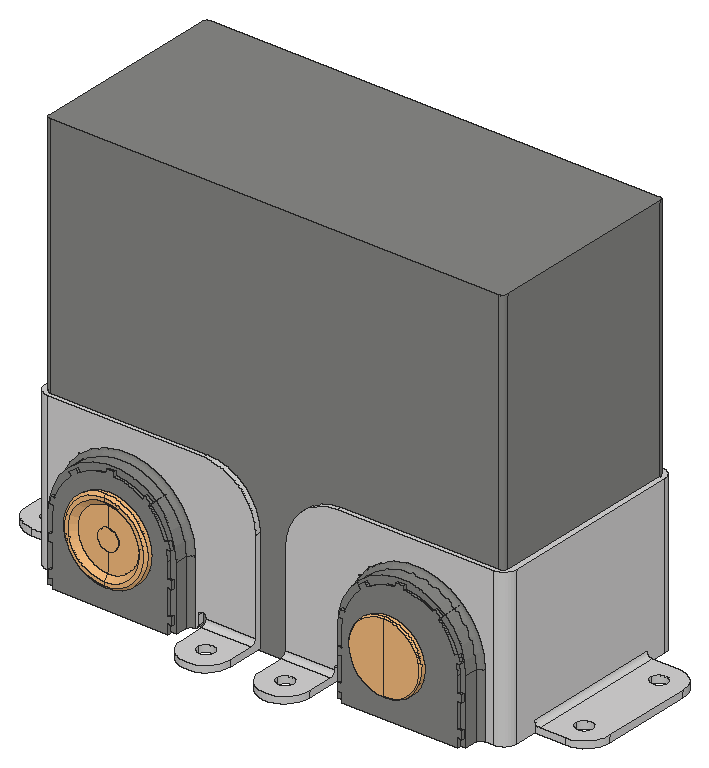
Revit family "Valve-One_Outlet_Thermostatic-KOHLER-K-26339_1", category Plumbing Fixtures, host Face, Revit 2017
Family settings
  Host = Face
  Round Connector Dimension = Use Diameter
  Part Type = Normal
  OmniClass Number = 23.27.31.00
  OmniClass Title = Valves
  Cut with Voids When Loaded = No
  Shared = No
  Room Calculation Point = No
Parameters (values of type "NA-Not Applicable")
  Width = 8 215/256"  # constant formula
  WaterSense Certified = 1 = 0  # no
  Waste Connection = 1 = 0  # no
  Vent Connection = 1 = 0  # no
  Tempered Water Outlet Down [instance] = not(Tempered Water Outlet Up)  # no
  Tempered Water Outlet = "Tempered Water Outlet"  # constant formula
  URL = "https://www.us.kohler.com/us/"
  Type = 1
  Product Page URL = "http://www.us.kohler.com/us/catalog/productDetails.jsp?productId=26339"
  Product Name = ""
  Product Documentation Link = "https://www.us.kohler.com/webassets/kpna/catalog/pdf/en/K-26339_spec.pdf"
  Pressure = 0.00 psi
  Model = "K-26339-NA"  # constant formula
  Material = "Plastic"  # constant formula
  Master Format 2014 Name = "Control Valves"  # constant formula
  Master Format 2014 = "23 09 13.33"  # constant formula
  Manufacturer Address = "444 Highland Dr, Kohler, WI 53044"  # constant formula
  Manufacturer = "KOHLER Co."  # constant formula
  Length = 6 13/128"  # constant formula
  Hot Water Inlet = "Hot Water Inlet"  # constant formula
  Height = 4 113/128"  # constant formula
  HW Connection = 1 = 1  # yes
  Tempered Water Outlet Up [instance] = yes
  Flow Rate = 1.75 GPM  # constant formula
  Finish = Kohler-Plastic-58-Thunder_Grey
  Environmental Product Declaration = ""
  Description = "Recessed thermostatic valve-1-outlet"  # constant formula
  Default Elevation = 42"
  Declare Label = ""
  Date Modified = "02/12/2021"  # constant formula
  Date Created = "02/08/2021"  # constant formula
  Copyright = "Copyright KOHLER Co."  # constant formula
  Contact Us = "https://www.us.kohler.com/us/static/contact.jsp"
  Cold Water Inlet = "Cold Water Inlet"  # constant formula
  CW Connection = 1 = 1  # yes
  Assembly Code = "D2020"
  ADA Compliant = 1 = 0  # no
Reference planes (in)
  plane 1 "Center (Front/Back)": y = 0
  plane 2: z = 0
  plane 3 "Center (Left/Right)": x = 0
  plane 4: x = -4.41929
  plane 5: x = 4.42055
  plane 6: y = 2.44094
  plane 7: y = -2.44188
  plane 8: x = -2.20961
  plane 9: x = 2.01772
  plane 10: y = 1.98819
  plane 11: y = -1.98819
  plane 12: z = -5.21654
  plane 13: z = -5.11811
  plane 14: z = -6.10156
  plane 15: y = 2.06693
  plane 16: y = -2.06693
  plane 17: y = 0.70866
  plane 18: y = -0.70866
  plane 19: x = -0.59055
  plane 20: x = 0.59055
  plane 21: x = -4.03543
  plane 22: x = 4.03543
Forms (in)
  Extrusion 1, void
    sketch origin (0, 0, 0) x (1, 0, 0) y (0, 1, 0)
      loop
        line (-3.57283, -1.59449) -> (3.57283, -1.59449) -> (3.57283, 1.59449) -> (-3.57283, 1.59449) -> (-3.57283, -1.59449)
    from -6.10236 to 0.83394
  Extrusion 2, void
    sketch origin (0, 0, 0) x (1, 0, 0) y (0, 1, 0)
      loop
        line (-4.41929, 2.44094) -> (-4.41929, -2.44094) -> (4.41929, -2.44094) -> (4.41929, 2.44094) -> (-4.41929, 2.44094)
    from -6.10236 to -3.72047
Dimensions and locks (in)
  plane 8 to plane 9 = 4.22733"
  "Length": level to plane 14
  locked: plane 13 to plane 14 at 0.98345
  locked: plane 12 to plane 14 at 0.88503
  "Width": plane 4 to plane 5
  "Height": plane 6 to plane 7
  plane 15 to plane 16 = 4.13386"
  locked: plane 17 to plane 18 at 1.41732
  locked: plane 20 to plane 19 at 1.1811
  locked: plane 22 to plane 21 at 8.07087
  aligned and locked: plane 2 to host face
  aligned and locked: level to host face
Automatic sketch dimensions
  host sketch curve to host sketch curve = 96"  (x2)
  Extrusion 1 sketch curve to plane 4 = 0.84646"
  plane 10 to Extrusion 1 sketch curve = 0.3937"
  plane 11 to Extrusion 1 sketch curve = 0.3937"
  Extrusion 1 sketch curve to plane 5 = 0.84772"
  plane 6 to Extrusion 2 sketch curve = 0"
  plane 7 to Extrusion 2 sketch curve = 0.00094"
  Extrusion 2 sketch curve to plane 4 = 0"
  Extrusion 2 sketch curve to plane 5 = 0.00126"
Nested families (in)
  nested 1: "K-26339" at (0, 0, -6.10236), type "K-26339"
Connectors (in)
  piping at (-2.20961, 1.90938, -5.11811), diameter 0.75, driven by "Flow Rate", driven by "HW Connection", driven by "Hot Water Inlet"
    settings: on nested 1, index 1, connector inside diameter 24", connector length 0", flow factor 0, pipe flow 1.75 GPM, pressure drop 0.00 psi, fitting loss kfactor 0, connector angle 0.00°, fixture units 0, engagement length 0", angle of deflection 0.00°, flow configuration 1, flow direction 1, fitting loss method 0, system type 19, joint type 0, gender type 0, connector reference index -1, connector utility 1, adjustable connector no, is connector primary yes, connector description "Hot Water Inlet"
  piping at (-2.20961, -1.90938, -5.11811), diameter 0.75, driven by "Flow Rate", driven by "CW Connection", driven by "Cold Water Inlet"
    settings: on nested 1, index 2, connector inside diameter 24", connector length 0", flow factor 0, pipe flow 1.75 GPM, pressure drop 0.00 psi, fitting loss kfactor 0, connector angle 0.00°, fixture units 0, engagement length 0", angle of deflection 0.00°, flow configuration 1, flow direction 1, fitting loss method 0, system type 20, joint type 0, gender type 0, connector reference index -1, connector utility 1, adjustable connector no, is connector primary no, connector description "Cold Water Inlet"
  piping at (2.01772, 1.9685, -5.21654), diameter 0.5, driven by "Flow Rate", driven by "HW Connection", driven by "Tempered Water Outlet"
    settings: on nested 1, index 3, connector inside diameter 24", connector length 0", flow factor 0, pipe flow 1.75 GPM, pressure drop 0.00 psi, fitting loss kfactor 0, connector angle 0.00°, fixture units 0, engagement length 0", angle of deflection 0.00°, flow configuration 1, flow direction 2, fitting loss method 0, system type 19, joint type 0, gender type 0, connector reference index -1, connector utility 1, adjustable connector no, is connector primary no, connector description "Tempered Water Outlet"
Definition of nested family "K-26339"
  Parameters (values of type "K-26339")
    Top Connector1 = yes
    Material = none
    Down Connector1 = not(Top Connector1)  # no
    Connector distance = if(Top Connector1, 0", 3.18898")  # 0"
    C1 Angel = if(Top Connector1, 180.00°, 0.00°)  # 180.00°
  Reference planes (in)
    plane 1 "Center (Front/Back)": y = 0
    plane 2: z = 0
    plane 3 "Center (Left/Right)": x = 0
    plane 4: x = -4.41929
    plane 5: x = 4.41929
    plane 6: y = 2.44094
    plane 7: y = -2.44094
    plane 8: z = 6.10236
    plane 9 "2": x = 2.01772
    plane 10 "1": x = -2.20961
    plane 11: z = 0.98425
    plane 12 "A": z = 0.88583
    plane 13: y = 1.98819
    plane 14: y = -1.98819
    plane 15: y = 0.70866
    plane 16: y = -0.70866
    plane 17: x = -0.60039
    plane 18: x = 0.60039
    plane 19: y = 1.59449
    plane 20: y = -1.59449
    plane 21 "C1": y = 1.59449
    plane 22: z = 0
  Forms (in)
    Extrusion 1, solid, material <- "Material", detail levels medium+fine
      sketch origin (0, 0, 0) x (1, 0, 0) y (0, 1, 0)
        loop
          line (3.39567, 1.51575) -> (-3.39567, 1.51575)
          arc (-3.39567, 1.51575) -> (-3.45135, 1.49269) -> (-3.47441, 1.43701) r 0.07874
          line (-3.47441, 1.43701) -> (-3.47441, -1.43701)
          arc (-3.47441, -1.43701) -> (-3.45135, -1.49269) -> (-3.39567, -1.51575) r 0.07874
          line (-3.39567, -1.51575) -> (3.39567, -1.51575)
          arc (3.39567, -1.51575) -> (3.45135, -1.49269) -> (3.47441, -1.43701) r 0.07874
          line (3.47441, -1.43701) -> (3.47441, 1.43701)
          arc (3.47441, 1.43701) -> (3.45135, 1.49269) -> (3.39567, 1.51575) r 0.07874
      from 0 to 6.10236
    Extrusion 2, solid, detail levels medium+fine
      sketch origin (0, 0, 0) x (1, 0, 0) y (0, 0, 1)
        loop
          line (-1.01378, 2.38189) -> (-3.57283, 2.38189) -> (-3.57283, 0.01969) -> (-1.1437, 0.01969)
          arc (-1.1437, 0.01969) -> (-1.10751, 0.03468) -> (-1.09252, 0.07087) r 0.05118
          line (-1.09252, 0.07087) -> (-1.09252, 0.2165)
          arc (-1.09252, 0.2165) -> (-1.03346, 0.27556) -> (-0.97441, 0.2165) r 0.05906
          line (-0.97441, 0.2165) -> (-0.97441, 0.01969) -> (-0.22638, 0.01969) -> (-0.22638, 1.59449)
          arc (-0.22638, 1.59449) -> (-0.457, 2.15127) -> (-1.01378, 2.38189) r 0.7874
        loop
          arc (1.01378, 2.38189) -> (0.457, 2.15127) -> (0.22638, 1.59449) r 0.7874
          line (0.22638, 1.59449) -> (0.22638, 0.01969) -> (0.97441, 0.01969) -> (0.97441, 0.2165)
          arc (0.97441, 0.2165) -> (1.03346, 0.27556) -> (1.09252, 0.2165) r 0.05906
          line (1.09252, 0.2165) -> (1.09252, 0.07087)
          arc (1.09252, 0.07087) -> (1.10751, 0.03468) -> (1.1437, 0.01969) r 0.05118
          line (1.1437, 0.01969) -> (3.57283, 0.01969) -> (3.57283, 2.38189) -> (1.01378, 2.38189)
      from -1.59449 to 1.59449
    Sweep 3, void
      path in 3D
        loop
          line (-3.57283, -1.59449, 2.38189) -> (-3.57283, -1.59449, 0.01969)
      profile origin (-3.57283, -1.59449, 1.20079) x (-1, 0, 0) y (0, -1, 0)
        loop
          line (0, -0.19685) -> (0, 0) -> (-0.19685, 0)
          arc (-0.19685, 0) -> (-0.05766, -0.05766) -> (0, -0.19685) r 0.19685
    Sweep 4, void
      path in 3D
        loop
          line (-3.57283, 1.59449, 2.38189) -> (-3.57283, 1.59449, 0.01969)
      profile origin (-3.57283, 1.59449, 1.20079) x (-1, 0, 0) y (0, -1, 0)
        loop
          arc (0, 0.19685) -> (-0.05766, 0.05766) -> (-0.19685, 0) r 0.19685
          line (-0.19685, 0) -> (0, 0) -> (0, 0.19685)
    Sweep 5, void
      path in 3D
        loop
          line (3.57283, -1.59449, 2.38189) -> (3.57283, -1.59449, 0.01969)
      profile origin (3.57283, -1.59449, 1.20079) x (1, 0, 0) y (0, 1, 0)
        loop
          arc (0, 0.19685) -> (-0.05766, 0.05766) -> (-0.19685, 0) r 0.19685
          line (-0.19685, 0) -> (0, 0) -> (0, 0.19685)
    Sweep 6, void
      path in 3D
        loop
          line (3.57283, 1.59449, 2.38189) -> (3.57283, 1.59449, 0.01969)
      profile origin (3.57283, 1.59449, 1.20079) x (1, 0, 0) y (0, 1, 0)
        loop
          line (0, -0.19685) -> (0, 0) -> (-0.19685, 0)
          arc (-0.19685, 0) -> (-0.05766, -0.05766) -> (0, -0.19685) r 0.19685
    Extrusion 7, solid, detail levels medium+fine
      sketch origin (0, 0, 0) x (1, 0, 0) y (0, 1, 0)
        loop
          line (-3.57283, 1.06299) -> (-4.04528, 1.06299)
          arc (-4.04528, 1.06299) -> (-4.30974, 0.95345) -> (-4.41929, 0.68898) r 0.37402
          line (-4.41929, 0.68898) -> (-4.41929, -0.68898)
          arc (-4.41929, -0.68898) -> (-4.30974, -0.95345) -> (-4.04528, -1.06299) r 0.37402
          line (-4.04528, -1.06299) -> (-3.57283, -1.06299) -> (-3.57283, 1.06299)
        loop
          line (3.57283, 1.06299) -> (3.57283, -1.06299) -> (4.04528, -1.06299)
          arc (4.04528, -1.06299) -> (4.30974, -0.95345) -> (4.41929, -0.68898) r 0.37402
          line (4.41929, -0.68898) -> (4.41929, 0.68898)
          arc (4.41929, 0.68898) -> (4.30974, 0.95345) -> (4.04528, 1.06299) r 0.37402
          line (4.04528, 1.06299) -> (3.57283, 1.06299)
        loop
          circle (-4.04528, 0.70866) r 0.12598
        loop
          circle (-4.04528, -0.70866) r 0.12598
        loop
          circle (4.04528, 0.70866) r 0.12598
        loop
          circle (4.04528, -0.70866) r 0.12598
        loop
          arc (-0.9744, -2.06693) -> (-0.60039, -2.44094) -> (-0.22639, -2.06693) r 0.37401
          line (-0.22639, -2.06693) -> (-0.22639, -1.59449) -> (-0.9744, -1.59449) -> (-0.9744, -2.06693)
        loop
          line (0.9744, -2.06693) -> (0.9744, -1.59449) -> (0.22639, -1.59449) -> (0.22639, -2.06693)
          arc (0.22639, -2.06693) -> (0.60039, -2.44094) -> (0.9744, -2.06693) r 0.37401
        loop
          line (-0.9744, 2.06693) -> (-0.9744, 1.59449) -> (-0.22639, 1.59449) -> (-0.22639, 2.06693)
          arc (-0.22639, 2.06693) -> (-0.60039, 2.44094) -> (-0.9744, 2.06693) r 0.37401
        loop
          arc (0.9744, 2.06693) -> (0.60039, 2.44094) -> (0.22639, 2.06693) r 0.37401
          line (0.22639, 2.06693) -> (0.22639, 1.59449) -> (0.9744, 1.59449) -> (0.9744, 2.06693)
        loop
          circle (-0.60039, -2.06693) r 0.12598
        loop
          circle (0.60039, -2.06693) r 0.12598
        loop
          circle (-0.60039, 2.06693) r 0.12598
        loop
          circle (0.60039, 2.06693) r 0.12598
      from 0.01969 to 0.11811
    Extrusion 8, solid, material <- "Material", detail levels medium+fine
      sketch origin (0, 0, 0) x (1, 0, 0) y (0, 0, 1)
        loop
          line (-1.22047, 0.01969) -> (-1.22047, 0.98689)
          arc (-1.22047, 0.98689) -> (-2.19488, 1.9613) -> (-3.16929, 0.98689) r 0.97441
          line (-3.16929, 0.98689) -> (-3.16929, 0.01969) -> (-1.22047, 0.01969)
        loop
          line (1.22047, 0.99085) -> (1.22047, 0.01969) -> (3.16929, 0.01969) -> (3.16929, 0.99085)
          arc (3.16929, 0.99085) -> (2.19488, 1.96526) -> (1.22047, 0.99085) r 0.97441
      from -1.85039 to 1.85039
    Extrusion 9, solid, material <- "Material", detail levels medium+fine
      sketch origin (0, 0, 0) x (1, 0, 0) y (0, 0, 1)
        loop
          line (-3.07087, 0.62992) -> (-3.07087, 0.25591) -> (-3.12992, 0.25591) -> (-3.12992, 0.1378) -> (-3.07087, 0.1378) -> (-3.07087, 0) -> (-1.3189, 0) -> (-1.3189, 0.1378) -> (-1.25984, 0.1378) -> (-1.25984, 0.25591) -> (-1.3189, 0.25591) -> (-1.3189, 0.62992) -> (-1.25984, 0.62992) -> (-1.25984, 0.74803) -> (-1.3189, 0.74803) -> (-1.3189, 0.98425)
          arc (-1.3189, 0.98425) -> (-1.32232, 1.06162) -> (-1.33257, 1.13839) r 0.87598
          line (-1.33257, 1.13839) -> (-1.27514, 1.15271) -> (-1.30372, 1.26731) -> (-1.36114, 1.25299)
          arc (-1.36114, 1.25299) -> (-1.46022, 1.46135) -> (-1.61026, 1.63661) r 0.87598
          line (-1.61026, 1.63661) -> (-1.57383, 1.68324) -> (-1.6669, 1.75596) -> (-1.70334, 1.70932)
          arc (-1.70334, 1.70932) -> (-1.90969, 1.81251) -> (-2.13583, 1.85824) r 0.87598
          line (-2.13583, 1.85824) -> (-2.13583, 1.91742) -> (-2.25394, 1.91742) -> (-2.25394, 1.85824)
          arc (-2.25394, 1.85824) -> (-2.48007, 1.81251) -> (-2.68643, 1.70932) r 0.87598
          line (-2.68643, 1.70932) -> (-2.72286, 1.75596) -> (-2.81594, 1.68324) -> (-2.7795, 1.63661)
          arc (-2.7795, 1.63661) -> (-2.92954, 1.46135) -> (-3.02863, 1.25299) r 0.87598
          line (-3.02863, 1.25299) -> (-3.08605, 1.26731) -> (-3.11462, 1.15271) -> (-3.0572, 1.13839)
          arc (-3.0572, 1.13839) -> (-3.06744, 1.06162) -> (-3.07087, 0.98425) r 0.87598
          line (-3.07087, 0.98425) -> (-3.07087, 0.74803) -> (-3.12992, 0.74803) -> (-3.12992, 0.62992) -> (-3.07087, 0.62992)
        loop
          line (1.3189, 0.62992) -> (1.3189, 0.25591) -> (1.25984, 0.25591) -> (1.25984, 0.1378) -> (1.3189, 0.1378) -> (1.3189, 0) -> (3.07087, 0) -> (3.07087, 0.1378) -> (3.12992, 0.1378) -> (3.12992, 0.25591) -> (3.07087, 0.25591) -> (3.07087, 0.62992) -> (3.12992, 0.62992) -> (3.12992, 0.74803) -> (3.07087, 0.74803) -> (3.07087, 0.98425)
          arc (3.07087, 0.98425) -> (3.06744, 1.06162) -> (3.0572, 1.13839) r 0.87598
          line (3.0572, 1.13839) -> (3.11462, 1.15271) -> (3.08605, 1.26731) -> (3.02863, 1.25299)
          arc (3.02863, 1.25299) -> (2.92954, 1.46135) -> (2.7795, 1.63661) r 0.87598
          line (2.7795, 1.63661) -> (2.81594, 1.68324) -> (2.72286, 1.75596) -> (2.68643, 1.70932)
          arc (2.68643, 1.70932) -> (2.48007, 1.81251) -> (2.25394, 1.85824) r 0.87598
          line (2.25394, 1.85824) -> (2.25394, 1.91742) -> (2.13583, 1.91742) -> (2.13583, 1.85824)
          arc (2.13583, 1.85824) -> (1.90969, 1.81251) -> (1.70334, 1.70932) r 0.87598
          line (1.70334, 1.70932) -> (1.6669, 1.75596) -> (1.57383, 1.68324) -> (1.61026, 1.63661)
          arc (1.61026, 1.63661) -> (1.46022, 1.46135) -> (1.36114, 1.25299) r 0.87598
          line (1.36114, 1.25299) -> (1.30372, 1.26731) -> (1.27514, 1.15271) -> (1.33257, 1.13839)
          arc (1.33257, 1.13839) -> (1.32232, 1.06162) -> (1.3189, 0.98425) r 0.87598
          line (1.3189, 0.98425) -> (1.3189, 0.74803) -> (1.25984, 0.74803) -> (1.25984, 0.62992) -> (1.3189, 0.62992)
        loop
          circle (-2.20961, 0.98425) r 0.54335
        loop
          circle (2.01772, 0.88583) r 0.41841
      from -1.92913 to 1.88976
    Revolve 10, solid, detail levels medium+fine
      sketch origin (-2.20961, 0, 0) x (0, 0, 1) y (0, -1, 0)
        loop
          line (1.5276, -1.98819) -> (1.58464, -1.98819) -> (1.62406, -1.94877) -> (1.62406, -1.51575) -> (0.98425, -1.51575) -> (0.98425, -1.90938) -> (1.44879, -1.90938) -> (1.5276, -1.98819)
        loop
          line (1.5276, 1.98819) -> (1.44879, 1.90938) -> (0.98425, 1.90938) -> (0.98425, 1.51575) -> (1.62406, 1.51575) -> (1.62406, 1.94877) -> (1.58464, 1.98819) -> (1.5276, 1.98819)
        axis (0.98425, -1.98819) -> (0.98425, 1.98819)
      angle from 0 to 360
    Revolve 11, solid, detail levels medium+fine
      sketch origin (2.01772, 0, 0) x (0, 0, -1) y (0, -1, 0)
        loop
          line (-1.43701, 1.94331) -> (-1.43701, 1.61417) -> (-0.88583, 1.61417) -> (-0.88583, 1.9685) -> (-1.41732, 1.9685) -> (-1.43701, 1.94331)
        loop
          line (-1.43701, -1.94331) -> (-1.41732, -1.9685) -> (-0.88583, -1.9685) -> (-0.88583, -1.61417) -> (-1.43701, -1.61417) -> (-1.43701, -1.94331)
        axis (-0.88583, 1.9685) -> (-0.88583, -1.9685)
      angle from 0 to 360
    Sweep 12, solid, material <- "Material", detail levels medium+fine
      path in 3D
        loop
          line (1.22047, -1.59449, 0.01969) -> (1.22047, -1.59449, 0.99085)
          arc (1.22047, -1.59449, 0.99085) -> (2.19488, -1.59449, 1.96526) -> (3.16929, -1.59449, 0.99085) r 0.97441
          line (3.16929, -1.59449, 0.99085) -> (3.16929, -1.59449, 0.01969)
      profile origin (1.22047, -1.59449, 0.50527) x (0, 1, 0) y (-1, 0, 0)
        loop
          line (-0.07874, 0) -> (0, 0) -> (0, 0.07874)
          arc (0, 0.07874) -> (-0.02306, 0.02306) -> (-0.07874, 0) r 0.07874
    Sweep 13, solid, material <- "Material", detail levels medium+fine
      path in 3D
        loop
          line (1.22047, 1.59449, 0.01969) -> (1.22047, 1.59449, 0.99085)
          arc (1.22047, 1.59449, 0.99085) -> (2.19488, 1.59449, 1.96526) -> (3.16929, 1.59449, 0.99085) r 0.97441
          line (3.16929, 1.59449, 0.99085) -> (3.16929, 1.59449, 0.01969)
      profile origin (1.22047, 1.59449, 0.50527) x (0, 1, 0) y (-1, 0, 0)
        loop
          arc (0.07874, 0) -> (0.02306, 0.02306) -> (0, 0.07874) r 0.07874
          line (0, 0.07874) -> (0, 0) -> (0.07874, 0)
    Sweep 14, solid, material <- "Material", detail levels medium+fine
      path in 3D
        loop
          line (-3.16929, -1.59449, 0.01969) -> (-3.16929, -1.59449, 0.99085)
          arc (-3.16929, -1.59449, 0.99085) -> (-2.19488, -1.59449, 1.96526) -> (-1.22047, -1.59449, 0.99085) r 0.97441
          line (-1.22047, -1.59449, 0.99085) -> (-1.22047, -1.59449, 0.01969)
      profile origin (-3.16929, -1.59449, 0.50527) x (0, 1, 0) y (-1, 0, 0)
        loop
          line (-0.07874, 0) -> (0, 0) -> (0, 0.07874)
          arc (0, 0.07874) -> (-0.02306, 0.02306) -> (-0.07874, 0) r 0.07874
    Sweep 15, solid, material <- "Material", detail levels medium+fine
      path in 3D
        loop
          line (-3.16929, 1.59449, 0.01969) -> (-3.16929, 1.59449, 0.99085)
          arc (-3.16929, 1.59449, 0.99085) -> (-2.19488, 1.59449, 1.96526) -> (-1.22047, 1.59449, 0.99085) r 0.97441
          line (-1.22047, 1.59449, 0.99085) -> (-1.22047, 1.59449, 0.01969)
      profile origin (-3.16929, 1.59449, 0.50527) x (0, 1, 0) y (-1, 0, 0)
        loop
          arc (0.07874, 0) -> (0.02306, 0.02306) -> (0, 0.07874) r 0.07874
          line (0, 0.07874) -> (0, 0) -> (0.07874, 0)
    Extrusion 16, void
      sketch origin (0, 0, 0) x (1, 0, 0) y (0, 1, 0)
        loop
          line (3.39567, 1.51575) -> (-3.39567, 1.51575)
          arc (-3.39567, 1.51575) -> (-3.45135, 1.49269) -> (-3.47441, 1.43701) r 0.07874
          line (-3.47441, 1.43701) -> (-3.47441, -1.43701)
          arc (-3.47441, -1.43701) -> (-3.45135, -1.49269) -> (-3.39567, -1.51575) r 0.07874
          line (-3.39567, -1.51575) -> (3.39567, -1.51575)
          arc (3.39567, -1.51575) -> (3.45135, -1.49269) -> (3.47441, -1.43701) r 0.07874
          line (3.47441, -1.43701) -> (3.47441, 1.43701)
          arc (3.47441, 1.43701) -> (3.45135, 1.49269) -> (3.39567, 1.51575) r 0.07874
      from -0.47445 to 7.6998
    Extrusion 17, solid, detail levels medium+fine
      sketch origin (0, 0, 0) x (1, 0, 0) y (0, 0, 1)
        loop
          line (-3.57283, 0.11811) -> (-3.57283, 0.19685)
          arc (-3.57283, 0.19685) -> (-3.5959, 0.14117) -> (-3.65157, 0.11811) r 0.07874
          line (-3.65157, 0.11811) -> (-3.57283, 0.11811)
        loop
          line (3.57283, 0.11811) -> (3.65157, 0.11811)
          arc (3.65157, 0.11811) -> (3.5959, 0.14117) -> (3.57283, 0.19685) r 0.07874
          line (3.57283, 0.19685) -> (3.57283, 0.11811)
      from -1.06299 to 1.06299
    Extrusion 18, solid, detail levels medium+fine
      sketch origin (0, 0, 0) x (0, 1, 0) y (0, 0, 1)
        loop
          line (-1.67323, 0.11811) -> (-1.59449, 0.11811) -> (-1.59449, 0.19685)
          arc (-1.59449, 0.19685) -> (-1.61755, 0.14117) -> (-1.67323, 0.11811) r 0.07874
        loop
          arc (1.67323, 0.11811) -> (1.61755, 0.14117) -> (1.59449, 0.19685) r 0.07874
          line (1.59449, 0.19685) -> (1.59449, 0.11811) -> (1.67323, 0.11811)
      from 0.22638 to 0.97441
    Extrusion 19, solid, detail levels medium+fine
      sketch origin (0, 0, 0) x (0, 1, 0) y (0, 0, 1)
        loop
          line (-1.67323, 0.11811) -> (-1.59449, 0.11811) -> (-1.59449, 0.19685)
          arc (-1.59449, 0.19685) -> (-1.61755, 0.14117) -> (-1.67323, 0.11811) r 0.07874
        loop
          arc (1.67323, 0.11811) -> (1.61755, 0.14117) -> (1.59449, 0.19685) r 0.07874
          line (1.59449, 0.19685) -> (1.59449, 0.11811) -> (1.67323, 0.11811)
      from -0.97441 to -0.22638
    Extrusion 20, solid, material <- "Material", detail levels coarse
      sketch origin (0, 0, 0) x (1, 0, 0) y (0, 1, 0)
        loop
          line (3.47441, 1.51575) -> (-3.47441, 1.51575) -> (-3.47441, -1.51575) -> (3.47441, -1.51575) -> (3.47441, 1.51575)
      from 0 to 6.10236
    Extrusion 21, solid, material <- "Material", detail levels coarse
      sketch origin (0, 0, 0) x (1, 0, 0) y (0, 0, 1)
        loop
          line (-1.3189, 0) -> (-1.3189, 0.9897)
          arc (-1.3189, 0.9897) -> (-2.19488, 1.86569) -> (-3.07087, 0.9897) r 0.87598
          line (-3.07087, 0.9897) -> (-3.07087, 0) -> (-1.3189, 0)
        loop
          line (3.07087, 0) -> (3.07087, 0.9897)
          arc (3.07087, 0.9897) -> (2.19488, 1.86569) -> (1.3189, 0.9897) r 0.87598
          line (1.3189, 0.9897) -> (1.3189, 0) -> (3.07087, 0)
      from -1.92913 to 1.88976
    Extrusion 22, solid, detail levels coarse
      sketch origin (0, 0, 0) x (1, 0, 0) y (0, 1, 0)
        loop
          line (3.57283, 1.59449) -> (0.22638, 1.59449) -> (0.22638, 1.51575) -> (3.47441, 1.51575) -> (3.47441, -1.51575) -> (0.22638, -1.51575) -> (0.22638, -1.59449) -> (3.57283, -1.59449) -> (3.57283, 1.59449)
        loop
          line (-3.57283, 1.59449) -> (-3.57283, -1.59449) -> (-0.22638, -1.59449) -> (-0.22638, -1.51575) -> (-3.47441, -1.51575) -> (-3.47441, 1.51575) -> (-0.22638, 1.51575) -> (-0.22638, 1.59449) -> (-3.57283, 1.59449)
      from 0 to 2.38189
    Extrusion 23, solid, detail levels coarse
      sketch origin (0, 0, 0) x (1, 0, 0) y (0, 1, 0)
        loop
          line (-4.41929, -1.06299) -> (-3.57283, -1.06299) -> (-3.57283, 1.06299) -> (-4.41929, 1.06299) -> (-4.41929, -1.06299)
        loop
          line (-0.97441, 1.59449) -> (-0.22638, 1.59449) -> (-0.22638, 2.44094) -> (-0.97441, 2.44094) -> (-0.97441, 1.59449)
        loop
          line (0.22638, 1.59449) -> (0.9744, 1.59449) -> (0.9744, 2.44094) -> (0.22638, 2.44094) -> (0.22638, 1.59449)
        loop
          line (-0.97441, -1.59449) -> (-0.97441, -2.44094) -> (-0.22638, -2.44094) -> (-0.22638, -1.59449) -> (-0.97441, -1.59449)
        loop
          line (0.22638, -1.59449) -> (0.22638, -2.44094) -> (0.9744, -2.44094) -> (0.9744, -1.59449) -> (0.22638, -1.59449)
        loop
          line (4.41929, -1.06299) -> (4.41929, 1.06299) -> (3.57283, 1.06299) -> (3.57283, -1.06299) -> (4.41929, -1.06299)
        loop
          circle (-4.04528, 0.70866) r 0.12598
        loop
          circle (-4.04528, -0.70866) r 0.12598
        loop
          circle (-0.60039, 2.06693) r 0.12598
        loop
          circle (0.60039, 2.06693) r 0.12598
        loop
          circle (4.04528, 0.70866) r 0.12598
        loop
          circle (4.04528, -0.70866) r 0.12598
        loop
          circle (-0.60039, -2.06693) r 0.12598
        loop
          circle (0.60039, -2.06693) r 0.12598
      from 0.01969 to 0.11811
    Extrusion 24, solid, detail levels medium+fine
      sketch origin (0, 0, 0) x (1, 0, 0) y (0, 0, 1)
        loop
          circle (-2.20961, 0.98425) r 0.15748
      from -1.90938 to 1.90938
    Extrusion 25, solid, detail levels coarse
      sketch origin (0, 0, 0) x (1, 0, 0) y (0, 0, 1)
        loop
          circle (-2.20961, 0.98425) r 0.63981
        loop
          circle (2.01772, 0.88583) r 0.55118
      from -1.98819 to 1.98819
    Revolve 26, solid, detail levels medium+fine
      sketch origin (2.01772, 1.59449, 0.88583) x (0, 1, 0) y (-1, 0, 0)
        loop
          line (0.37402, 0) -> (0.08362, 0) -> (0.08362, -0.11811) -> (0.37402, -0.11811) -> (0.37402, 0)
        axis (0.37402, 0) -> (0.08362, 0)
      angle from 0 to 360
  Cuts and joins
    Extrusion 16 cuts Extrusion 9
    joined: Extrusion 1, Extrusion 9
    joined: Revolve 10, Revolve 11
    joined: Sweep 12, Sweep 13, Sweep 14, Sweep 15
    Sweep 3, Sweep 4, Sweep 5, Sweep 6, Extrusion 16 cuts Extrusion 2
    joined: Extrusion 2, Extrusion 7, Extrusion 17, Extrusion 18, Extrusion 19
    joined: Extrusion 20, Extrusion 21
    joined: Extrusion 22, Extrusion 23
    Extrusion 16 cuts Extrusion 8
  Lines and regions (in)
    Masking region 1
      outline origin (0, 0, 0) x (1, 0, 0) y (0, 1, 0)
        loop
          line (-3.57283, 1.39764) -> (-3.57283, -0.07023) -> (-3.57283, -1.39764)
          arc (-3.57283, -1.39764) -> (-3.51518, -1.53683) -> (-3.37598, -1.59449) r 0.19685
          line (-3.37598, -1.59449) -> (3.37598, -1.59449)
          arc (3.37598, -1.59449) -> (3.51518, -1.53683) -> (3.57283, -1.39764) r 0.19685
          line (3.57283, -1.39764) -> (3.57283, 0.08348) -> (3.57283, 1.39764)
          arc (3.57283, 1.39764) -> (3.51518, 1.53683) -> (3.37598, 1.59449) r 0.19685
          line (3.37598, 1.59449) -> (0.06398, 1.59449) -> (-3.37598, 1.59449)
          arc (-3.37598, 1.59449) -> (-3.51518, 1.53683) -> (-3.57283, 1.39764) r 0.19685
    Masking region 2, detail levels medium+fine
      outline origin (0, 0, 0) x (1, 0, 0) y (0, 0, 1)
        loop
          line (-3.47441, 6.10236) -> (-3.47441, 2.38189) -> (-3.57283, 2.38189) -> (-3.57283, 0.19685)
          arc (-3.57283, 0.19685) -> (-3.5959, 0.14117) -> (-3.65157, 0.11811) r 0.07874
          line (-3.65157, 0.11811) -> (-4.41929, 0.11811) -> (-4.41929, 0.01969) -> (-3.50053, 0.01969) -> (-3.47441, 0) -> (3.47441, 0) -> (3.50053, 0.01969) -> (4.41929, 0.01969) -> (4.41929, 0.11811) -> (3.65157, 0.11811)
          arc (3.65157, 0.11811) -> (3.5959, 0.14117) -> (3.57283, 0.19685) r 0.07874
          line (3.57283, 0.19685) -> (3.57283, 2.38189) -> (3.47441, 2.38189) -> (3.47441, 6.10236) -> (-3.47441, 6.10236)
    Masking region 3
      outline origin (2.01772, 0, 0) x (0, 0, -1) y (0, -1, 0)
        loop
          line (-6.10236, -1.51575) -> (-2.38189, -1.51575) -> (-2.38189, -1.59449) -> (-2.044, -1.59449)
          arc (-2.044, -1.59449) -> (-1.98832, -1.61755) -> (-1.96526, -1.67323) r 0.07874
          line (-1.96526, -1.67323) -> (-1.96526, -1.85039) -> (-1.91742, -1.85039) -> (-1.91742, -1.92913) -> (-1.64369, -1.92913) -> (-1.58464, -1.98819) -> (-0.38387, -1.98819) -> (-0.35433, -1.9685) -> (-0.32357, -1.92913) -> (-0.11811, -1.92913) -> (-0.11811, -2.44094) -> (-0.01969, -2.44094) -> (-0.01969, -1.95526) -> (0, -1.92913) -> (0, 1.92913) -> (-0.01969, 1.95526) -> (-0.01969, 2.44094) -> (-0.11811, 2.44094) -> (-0.11811, 1.88976) -> (-0.33465, 1.88976) -> (-0.33465, 1.94331) -> (-0.38387, 1.98819) -> (-1.58464, 1.98819) -> (-1.62406, 1.94877) -> (-1.62406, 1.88976) -> (-1.91742, 1.88976) -> (-1.91742, 1.85039) -> (-1.96526, 1.85039) -> (-1.96526, 1.67323)
          arc (-1.96526, 1.67323) -> (-1.98832, 1.61755) -> (-2.044, 1.59449) r 0.07874
          line (-2.044, 1.59449) -> (-2.38189, 1.59449) -> (-2.38189, 1.51575) -> (-6.10236, 1.51575) -> (-6.10236, -1.51575)
    sketch lines
      curve 1: line (-3.57283, -1.59449, 2.38189) -> (-3.57283, -1.59449, 0.01969)
      curve 2: line (-3.57283, 1.59449, 2.38189) -> (-3.57283, 1.59449, 0.01969)
      curve 3: line (3.57283, -1.59449, 2.38189) -> (3.57283, -1.59449, 0.01969)
      curve 4: line (3.57283, 1.59449, 2.38189) -> (3.57283, 1.59449, 0.01969)
      curve 5: line (1.22047, -1.59449, 0.01969) -> (1.22047, -1.59449, 0.99085)
      curve 6: arc (3.16929, -1.59449, 0.99085) -> (2.19488, -1.59449, 1.96526) -> (1.22047, -1.59449, 0.99085) r 0.97441
      curve 7: line (3.16929, -1.59449, 0.99085) -> (3.16929, -1.59449, 0.01969)
      curve 8: line (1.22047, 1.59449, 0.01969) -> (1.22047, 1.59449, 0.99085)
      curve 9: arc (3.16929, 1.59449, 0.99085) -> (2.19488, 1.59449, 1.96526) -> (1.22047, 1.59449, 0.99085) r 0.97441
      curve 10: line (3.16929, 1.59449, 0.99085) -> (3.16929, 1.59449, 0.01969)
      curve 11: line (-3.16929, -1.59449, 0.01969) -> (-3.16929, -1.59449, 0.99085)
      curve 12: arc (-1.22047, -1.59449, 0.99085) -> (-2.19488, -1.59449, 1.96526) -> (-3.16929, -1.59449, 0.99085) r 0.97441
      curve 13: line (-1.22047, -1.59449, 0.99085) -> (-1.22047, -1.59449, 0.01969)
      curve 14: line (-3.16929, 1.59449, 0.01969) -> (-3.16929, 1.59449, 0.99085)
      curve 15: arc (-1.22047, 1.59449, 0.99085) -> (-2.19488, 1.59449, 1.96526) -> (-3.16929, 1.59449, 0.99085) r 0.97441
      curve 16: line (-1.22047, 1.59449, 0.99085) -> (-1.22047, 1.59449, 0.01969)
    symbolic lines, detail levels medium+fine
      curve 17: line (3.39567, 1.51575, 0) -> (-3.39567, 1.51575, 0)
      curve 18: arc (-3.39567, 1.51575, 0) -> (-3.45135, 1.49269, 0) -> (-3.47441, 1.43701, 0) r 0.07874
      curve 19: line (-3.47441, 1.43701, 0) -> (-3.47441, -1.43701, 0)
      curve 20: line (-3.39567, -1.51575, 0) -> (3.39567, -1.51575, 0)
      curve 21: line (3.47441, -1.43701, 0) -> (3.47441, 1.43701, 0)
      curve 22: arc (3.47441, 1.43701, 0) -> (3.45135, 1.49269, 0) -> (3.39567, 1.51575, 0) r 0.07874
      curve 23: line (-0.22638, 1.59449, 0) -> (-3.37598, 1.59449, 0)
      curve 24: line (0.22638, 1.59449, 0) -> (3.37598, 1.59449, 0)
      curve 25: line (3.57283, 1.39764, 0) -> (3.57283, -1.39764, 0)
      curve 26: line (3.37598, -1.59449, 0) -> (0.22638, -1.59449, 0)
      curve 27: line (-3.57283, 1.39764, 0) -> (-3.57283, -1.39764, 0)
      curve 28: line (-1.01378, 0, 2.38189) -> (-3.57283, 0, 2.38189)
      curve 29: arc (-0.22638, 0, 1.59449) -> (-0.457, 0, 2.15127) -> (-1.01378, 0, 2.38189) r 0.7874
      curve 30: line (-0.22638, 0, 0.01969) -> (-0.22638, 0, 1.59449)
      curve 31: arc (-1.09252, 0, 0.2165) -> (-1.03346, 0, 0.27556) -> (-0.97441, 0, 0.2165) r 0.05906
      curve 32: line (-0.97441, 0, 0.2165) -> (-0.97441, 0, 0.01969)
      curve 33: line (-1.09252, 0, 0.07087) -> (-1.09252, 0, 0.2165)
      curve 34: arc (-1.1437, 0, 0.01969) -> (-1.10751, 0, 0.03468) -> (-1.09252, 0, 0.07087) r 0.05118
      curve 35: line (-0.97441, 0, 0.01969) -> (-0.22638, 0, 0.01969)
      curve 36: line (-0.22638, 0, 0.11811) -> (-0.97441, 0, 0.11811)
      curve 37: line (-1.1437, 0, 0.01969) -> (-1.3189, 0, 0.01969)
      curve 38: line (-3.07087, 0, 0.01969) -> (-3.89598, 0, 0.01969)
      curve 39: arc (-2.20961, 0, 0.51971) -> (-2.67415, 0, 0.98425) -> (-2.20961, 0, 1.44879) r 0.46454
      curve 40: arc (-2.20961, 0, 0.4409) -> (-2.75296, 0, 0.98425) -> (-2.20961, 0, 1.5276) r 0.54335
      curve 41: arc (-2.20961, 0, 1.58464) -> (-2.81, 0, 0.98425) -> (-2.20961, 0, 0.38387) r 0.60038
      curve 42: arc (-2.20961, 0, 1.62406) -> (-2.84942, 0, 0.98425) -> (-2.20961, 0, 0.34445) r 0.63981
      curve 43: arc (-2.20961, 0, 0.34445) -> (-1.56981, 0, 0.98425) -> (-2.20961, 0, 1.62406) r 0.63981
      curve 44: arc (-2.20961, 0, 0.38387) -> (-1.60923, 0, 0.98425) -> (-2.20961, 0, 1.58464) r 0.60038
      curve 45: arc (-2.20961, 0, 1.5276) -> (-1.66627, 0, 0.98425) -> (-2.20961, 0, 0.4409) r 0.54335
      curve 46: arc (-2.20961, 0, 1.44879) -> (-1.74508, 0, 0.98425) -> (-2.20961, 0, 0.51971) r 0.46454
      curve 47: line (-3.07087, 0, 0.1378) -> (-3.07087, 0, 0)
      curve 48: line (-3.12992, 0, 0.1378) -> (-3.07087, 0, 0.1378)
      curve 49: line (-3.12992, 0, 0.25591) -> (-3.12992, 0, 0.1378)
      curve 50: line (-3.07087, 0, 0.25591) -> (-3.12992, 0, 0.25591)
      curve 51: line (-3.07087, 0, 0.62992) -> (-3.07087, 0, 0.25591)
      curve 52: line (-3.12992, 0, 0.62992) -> (-3.07087, 0, 0.62992)
      curve 53: line (-3.12992, 0, 0.74803) -> (-3.12992, 0, 0.62992)
      curve 54: line (-3.07087, 0, 0.74803) -> (-3.12992, 0, 0.74803)
      curve 55: line (-3.07087, 0, 0.98425) -> (-3.07087, 0, 0.74803)
      curve 56: arc (-3.0572, 0, 1.13839) -> (-3.06744, 0, 1.06162) -> (-3.07087, 0, 0.98425) r 0.87598
      curve 57: line (-3.08605, 0, 1.26731) -> (-3.11462, 0, 1.15271)
      curve 58: line (-3.02863, 0, 1.25299) -> (-3.08605, 0, 1.26731)
      curve 59: line (-3.11462, 0, 1.15271) -> (-3.0572, 0, 1.13839)
      curve 60: arc (-2.7795, 0, 1.63661) -> (-2.92954, 0, 1.46135) -> (-3.02863, 0, 1.25299) r 0.87598
      curve 61: line (-2.81594, 0, 1.68324) -> (-2.7795, 0, 1.63661)
      curve 62: line (-2.72286, 0, 1.75596) -> (-2.81594, 0, 1.68324)
      curve 63: line (-2.68643, 0, 1.70932) -> (-2.72286, 0, 1.75596)
      curve 64: arc (-2.25394, 0, 1.85824) -> (-2.48007, 0, 1.81251) -> (-2.68643, 0, 1.70932) r 0.87598
      curve 65: line (-2.25394, 0, 1.91742) -> (-2.25394, 0, 1.85824)
      curve 66: line (-2.13583, 0, 1.91742) -> (-2.25394, 0, 1.91742)
      curve 67: line (-2.13583, 0, 1.85824) -> (-2.13583, 0, 1.91742)
      curve 68: arc (-1.70334, 0, 1.70932) -> (-1.90969, 0, 1.81251) -> (-2.13583, 0, 1.85824) r 0.87598
      curve 69: line (-1.57383, 0, 1.68324) -> (-1.6669, 0, 1.75596)
      curve 70: line (-1.6669, 0, 1.75596) -> (-1.70334, 0, 1.70932)
      curve 71: line (-1.61026, 0, 1.63661) -> (-1.57383, 0, 1.68324)
      curve 72: arc (-1.36114, 0, 1.25299) -> (-1.46022, 0, 1.46135) -> (-1.61026, 0, 1.63661) r 0.87598
      curve 73: line (-1.33257, 0, 1.13839) -> (-1.27514, 0, 1.15271)
      curve 74: line (-1.27514, 0, 1.15271) -> (-1.30372, 0, 1.26731)
      curve 75: line (-1.30372, 0, 1.26731) -> (-1.36114, 0, 1.25299)
      curve 76: arc (-1.3189, 0, 0.98425) -> (-1.32232, 0, 1.06162) -> (-1.33257, 0, 1.13839) r 0.87598
      curve 77: line (-3.16929, 0, 0.98689) -> (-3.16929, 0, 0.01969)
      curve 78: line (-3.24803, 0, 0.99085) -> (-3.24803, 0, 0.01969)
      curve 79: arc (-3.24803, 0, 0.99085) -> (-2.19488, 0, 2.044) -> (-1.14173, 0, 0.99085) r 1.05315
      curve 80: arc (-1.22047, 0, 0.98689) -> (-2.19488, 0, 1.9613) -> (-3.16929, 0, 0.98689) r 0.97441
      curve 81: line (-3.57283, 0, 2.38189) -> (-3.57283, 0, 0.01969)
      curve 82: line (-1.3189, 0, 0.1378) -> (-1.3189, 0, 0)
      curve 83: line (-1.25984, 0, 0.1378) -> (-1.3189, 0, 0.1378)
      curve 84: line (-1.25984, 0, 0.25591) -> (-1.25984, 0, 0.1378)
      curve 85: line (-1.3189, 0, 0.25591) -> (-1.25984, 0, 0.25591)
      curve 86: line (-1.3189, 0, 0.62992) -> (-1.3189, 0, 0.25591)
      curve 87: line (-1.25984, 0, 0.62992) -> (-1.3189, 0, 0.62992)
      curve 88: line (-1.25984, 0, 0.74803) -> (-1.25984, 0, 0.62992)
      curve 89: line (-1.3189, 0, 0.74803) -> (-1.25984, 0, 0.74803)
      curve 90: line (-1.3189, 0, 0.98425) -> (-1.3189, 0, 0.74803)
      curve 91: line (-1.22047, 0, 0.98689) -> (-1.22047, 0, 0.01969)
      curve 92: line (-1.14173, 0, 0.99085) -> (-1.14173, 0, 0.01972)
      curve 93: line (1.01378, 0, 2.38189) -> (3.57283, 0, 2.38189)
      curve 94: arc (0.22638, 0, 1.59449) -> (0.457, 0, 2.15127) -> (1.01378, 0, 2.38189) r 0.7874
      curve 95: line (0.22638, 0, 0.01969) -> (0.22638, 0, 1.59449)
      curve 96: arc (1.09252, 0, 0.2165) -> (1.03346, 0, 0.27556) -> (0.97441, 0, 0.2165) r 0.05906
      curve 97: line (0.97441, 0, 0.2165) -> (0.97441, 0, 0.01969)
      curve 98: line (1.09252, 0, 0.07087) -> (1.09252, 0, 0.2165)
      curve 99: arc (1.1437, 0, 0.01969) -> (1.10751, 0, 0.03468) -> (1.09252, 0, 0.07087) r 0.05118
      curve 100: line (0.97441, 0, 0.01969) -> (0.22638, 0, 0.01969)
      curve 101: line (0.22638, 0, 0.11811) -> (0.97441, 0, 0.11811)
      curve 102: line (1.1437, 0, 0.01969) -> (1.3189, 0, 0.01969)
      curve 103: line (3.07087, 0, 0.01969) -> (3.89598, 0, 0.01969)
      curve 104: line (3.07087, 0, 0.1378) -> (3.07087, 0, 0)
      curve 105: line (3.12992, 0, 0.1378) -> (3.07087, 0, 0.1378)
      curve 106: line (3.12992, 0, 0.25591) -> (3.12992, 0, 0.1378)
      curve 107: line (3.07087, 0, 0.25591) -> (3.12992, 0, 0.25591)
      curve 108: line (3.07087, 0, 0.62992) -> (3.07087, 0, 0.25591)
      curve 109: line (3.12992, 0, 0.62992) -> (3.07087, 0, 0.62992)
      curve 110: line (3.12992, 0, 0.74803) -> (3.12992, 0, 0.62992)
      curve 111: line (3.07087, 0, 0.74803) -> (3.12992, 0, 0.74803)
      curve 112: line (3.07087, 0, 0.98425) -> (3.07087, 0, 0.74803)
      curve 113: arc (3.0572, 0, 1.13839) -> (3.06744, 0, 1.06162) -> (3.07087, 0, 0.98425) r 0.87598
      curve 114: line (3.08605, 0, 1.26731) -> (3.11462, 0, 1.15271)
      curve 115: line (3.02863, 0, 1.25299) -> (3.08605, 0, 1.26731)
      curve 116: line (3.11462, 0, 1.15271) -> (3.0572, 0, 1.13839)
      curve 117: arc (2.7795, 0, 1.63661) -> (2.92954, 0, 1.46135) -> (3.02863, 0, 1.25299) r 0.87598
      curve 118: line (2.81594, 0, 1.68324) -> (2.7795, 0, 1.63661)
      curve 119: line (2.72286, 0, 1.75596) -> (2.81594, 0, 1.68324)
      curve 120: line (2.68643, 0, 1.70932) -> (2.72286, 0, 1.75596)
      curve 121: arc (2.25394, 0, 1.85824) -> (2.48007, 0, 1.81251) -> (2.68643, 0, 1.70932) r 0.87598
      curve 122: line (2.25394, 0, 1.91742) -> (2.25394, 0, 1.85824)
      curve 123: line (2.13583, 0, 1.91742) -> (2.25394, 0, 1.91742)
      curve 124: line (2.13583, 0, 1.85824) -> (2.13583, 0, 1.91742)
      curve 125: arc (1.70334, 0, 1.70932) -> (1.90969, 0, 1.81251) -> (2.13583, 0, 1.85824) r 0.87598
      curve 126: line (1.57383, 0, 1.68324) -> (1.6669, 0, 1.75596)
      curve 127: line (1.6669, 0, 1.75596) -> (1.70334, 0, 1.70932)
      curve 128: line (1.61026, 0, 1.63661) -> (1.57383, 0, 1.68324)
      curve 129: arc (1.36114, 0, 1.25299) -> (1.46022, 0, 1.46135) -> (1.61026, 0, 1.63661) r 0.87598
      curve 130: line (1.33257, 0, 1.13839) -> (1.27514, 0, 1.15271)
      curve 131: line (1.27514, 0, 1.15271) -> (1.30372, 0, 1.26731)
      curve 132: line (1.30372, 0, 1.26731) -> (1.36114, 0, 1.25299)
      curve 133: arc (1.3189, 0, 0.98425) -> (1.32232, 0, 1.06162) -> (1.33257, 0, 1.13839) r 0.87598
      curve 134: line (3.16929, 0, 0.98689) -> (3.16929, 0, 0.01969)
      curve 135: line (3.24803, 0, 0.99085) -> (3.24803, 0, 0.01969)
      curve 136: arc (3.24803, 0, 0.99085) -> (2.19488, 0, 2.044) -> (1.14173, 0, 0.99085) r 1.05315
      curve 137: arc (1.22047, 0, 0.98689) -> (2.19488, 0, 1.9613) -> (3.16929, 0, 0.98689) r 0.97441
      curve 138: line (3.57283, 0, 2.38189) -> (3.57283, 0, 0.01969)
      curve 139: line (1.3189, 0, 0.1378) -> (1.3189, 0, 0)
      curve 140: line (1.25984, 0, 0.1378) -> (1.3189, 0, 0.1378)
      curve 141: line (1.25984, 0, 0.25591) -> (1.25984, 0, 0.1378)
      curve 142: line (1.3189, 0, 0.25591) -> (1.25984, 0, 0.25591)
      curve 143: line (1.3189, 0, 0.62992) -> (1.3189, 0, 0.25591)
      curve 144: line (1.25984, 0, 0.62992) -> (1.3189, 0, 0.62992)
      curve 145: line (1.25984, 0, 0.74803) -> (1.25984, 0, 0.62992)
      curve 146: line (1.3189, 0, 0.74803) -> (1.25984, 0, 0.74803)
      curve 147: line (1.3189, 0, 0.98425) -> (1.3189, 0, 0.74803)
      curve 148: line (1.22047, 0, 0.98689) -> (1.22047, 0, 0.01969)
      curve 149: line (1.14173, 0, 0.99085) -> (1.14173, 0, 0.01972)
      curve 150: arc (2.01772, 0, 1.43701) -> (2.5689, 0, 0.88583) -> (2.01772, 0, 0.33465) r 0.55118
      curve 151: arc (2.01772, 0, 0.35433) -> (2.54921, 0, 0.88583) -> (2.01772, 0, 1.41732) r 0.5315
      curve 152: arc (2.01772, 0, 0.46741) -> (2.43613, 0, 0.88583) -> (2.01772, 0, 1.30424) r 0.41841
      curve 153: arc (2.01772, 0, 0.52654) -> (2.37701, 0, 0.88583) -> (2.01772, 0, 1.24512) r 0.35929
      curve 154: arc (2.01772, 0, 1.24512) -> (1.65843, 0, 0.88583) -> (2.01772, 0, 0.52654) r 0.35929
      curve 155: arc (2.01772, 0, 1.30424) -> (1.5993, 0, 0.88583) -> (2.01772, 0, 0.46741) r 0.41841
      curve 156: arc (2.01772, 0, 1.41732) -> (1.48622, 0, 0.88583) -> (2.01772, 0, 0.35433) r 0.5315
      curve 157: arc (2.01772, 0, 0.33465) -> (1.46654, 0, 0.88583) -> (2.01772, 0, 1.43701) r 0.55118
      curve 158: line (-3.47441, 0, 5.72835) -> (3.47441, 0, 5.72835)
      curve 159: line (2.01772, 1.59449, 2.38189) -> (2.01772, -1.59449, 2.38189)
      curve 160: line (2.01772, 1.06299, 0.01969) -> (2.01772, 1.06299, 0.11811)
      curve 161: line (2.01772, 1.06299, 0.11811) -> (2.01772, -1.06299, 0.11811)
      curve 162: line (2.01772, -1.06299, 0.01969) -> (2.01772, -1.06299, 0.11811)
      curve 163: line (2.01772, 1.59449, 2.38189) -> (2.01772, 1.59449, 0.01969)
      curve 164: line (2.01772, 1.85039, 0.01969) -> (2.01772, 1.85039, 1.96526)
      curve 165: line (2.01772, 1.92913, 1.91742) -> (2.01772, 1.92913, 0)
      curve 166: line (2.01772, 1.85039, 0.01969) -> (2.01772, 0, 0.01969)
      curve 167: line (2.01772, 1.51575, 0) -> (2.01772, 1.54386, 0.01969)
      curve 168: line (2.01772, 1.92913, 0.1378) -> (2.01772, 1.85039, 0.1378)
      curve 169: line (2.01772, 1.92913, 0.25591) -> (2.01772, 1.85039, 0.25591)
      curve 170: line (2.01772, 1.92913, 0.62992) -> (2.01772, 1.85039, 0.62992)
      curve 171: line (2.01772, 1.92913, 0.74803) -> (2.01772, 1.85039, 0.74803)
      curve 172: line (2.01772, 1.92913, 1.13839) -> (2.01772, 1.85039, 1.13839)
      curve 173: line (2.01772, 1.92913, 1.15271) -> (2.01772, 1.85039, 1.15271)
      curve 174: line (2.01772, 1.92913, 1.26731) -> (2.01772, 1.85039, 1.26731)
      curve 175: line (2.01772, 1.92913, 1.63661) -> (2.01772, 1.85039, 1.63661)
      curve 176: line (2.01772, 1.92913, 1.68324) -> (2.01772, 1.85039, 1.68324)
      curve 177: line (2.01772, 1.92913, 1.75596) -> (2.01772, 1.85039, 1.75596)
      curve 178: line (2.01772, 1.94877, 1.62406) -> (2.01772, 1.94877, 0.33891)
      curve 179: line (2.01772, 1.94877, 0.34445) -> (2.01772, 1.98819, 0.38387)
      curve 180: line (2.01772, 1.51575, 5.84152) -> (2.01772, -1.51575, 5.84152)
      curve 181: line (2.01772, 2.10942, 0.01969) -> (2.01772, 1.92913, 0.01969)
      curve 182: line (2.01772, -1.59449, 2.38189) -> (2.01772, -1.59449, 0.01969)
      curve 183: line (2.01772, -1.85039, 0.01969) -> (2.01772, -1.85039, 1.96526)
      curve 184: line (2.01772, -1.88976, 1.91742) -> (2.01772, -1.88976, 0)
      curve 185: line (2.01772, -1.85039, 0.01969) -> (2.01772, 0, 0.01969)
      curve 186: line (2.01772, -1.51575, 0) -> (2.01772, -1.54386, 0.01969)
      curve 187: line (2.01772, -1.88976, 0.1378) -> (2.01772, -1.85039, 0.1378)
      curve 188: line (2.01772, -1.88976, 0.25591) -> (2.01772, -1.85039, 0.25591)
      curve 189: line (2.01772, -1.88976, 0.62992) -> (2.01772, -1.85039, 0.62992)
      curve 190: line (2.01772, -1.88976, 0.74803) -> (2.01772, -1.85039, 0.74803)
      curve 191: line (2.01772, -1.88976, 1.13839) -> (2.01772, -1.85039, 1.13839)
      curve 192: line (2.01772, -1.88976, 1.15271) -> (2.01772, -1.85039, 1.15271)
      curve 193: line (2.01772, -1.88976, 1.26731) -> (2.01772, -1.85039, 1.26731)
      curve 194: line (2.01772, -1.88976, 1.63661) -> (2.01772, -1.85039, 1.63661)
      curve 195: line (2.01772, -1.88976, 1.68324) -> (2.01772, -1.85039, 1.68324)
      curve 196: line (2.01772, -1.88976, 1.75596) -> (2.01772, -1.85039, 1.75596)
      curve 197: line (2.01772, -1.94877, 1.62406) -> (2.01772, -1.94877, 0.34445)
      curve 198: line (2.01772, -1.94877, 0.34445) -> (2.01772, -1.98819, 0.38387)
      curve 199: line (2.01772, -2.10942, 0.01969) -> (2.01772, -1.88976, 0.01969)
      curve 200: line (2.01772, -1.94877, 0.34445) -> (2.01772, -1.88976, 0.34445)
      curve 209: arc (-3.39567, -1.51575, 0) -> (-3.45135, -1.49269, 0) -> (-3.47441, -1.43701, 0) r 0.07874
      curve 210: arc (3.47441, -1.43701, 0) -> (3.45135, -1.49269, 0) -> (3.39567, -1.51575, 0) r 0.07874
    symbolic lines, detail levels coarse
      curve 201: line (-1.08118, 0, 4.88187) -> (1.08417, 0, 3.70077)
      curve 202: line (-1.08118, 0, 3.70077) -> (-1.08118, 0, 4.88187)
      curve 203: line (1.08417, 0, 4.88187) -> (-1.08118, 0, 3.70077)
      curve 204: line (1.08417, 0, 4.88187) -> (1.08417, 0, 3.70077)
      curve 205: line (0.00149, 0, 4.29132) -> (0.00149, 0, 3.2256)
      curve 206: line (-1.09837, 0, 3.2256) -> (1.06699, 0, 3.2256)
      curve 207: arc (-1.09837, 0, 3.2256) -> (-0.01569, 0, 2.46103) -> (1.06699, 0, 3.2256) r 1.14885
    reference lines
      curve 208: line (2.01772, 1.59449, 0.88583) -> (2.01772, 4.50236, 0.88583)
  Dimensions and locks (in)
    plane 4 to plane 5 = 8.83858"
    plane 8 to level = 6.10236"
    plane 6 to plane 7 = 4.88187"
    plane 13 to plane 14 = 3.97638"
    plane 15 to plane 16 = 1.41732"
    plane 17 to plane 18 = 1.20079"
    "Connector distance": plane 19 to plane 21 "C1"
    locked: Revolve 26 sketch curve to Revolve 26 sketch curve at 0.2904
    "C1 Angel": angle curve 208 to plane 9 "2"
    aligned and locked: plane 2 to level
    aligned and locked: plane 21 "C1" to curve 208
    aligned and locked: Revolve 26 sketch curve to curve 208
    aligned and locked: curve 208 to Revolve 26 sketch curve
  Automatic sketch dimensions
    curve 39 to curve 40 = 0"  (x2)
    curve 39 to curve 41 = 0"  (x2)
    curve 39 to curve 42 = 0"  (x2)
    curve 39 to curve 43 = 0"  (x2)
    curve 39 to curve 44 = 0"  (x2)
    curve 39 to curve 45 = 0"  (x2)
    curve 39 to curve 46 = 0"  (x2)
    curve 40 to curve 41 = 0"  (x2)
    curve 40 to curve 42 = 0"  (x2)
    curve 40 to curve 43 = 0"  (x2)
    curve 40 to curve 44 = 0"  (x2)
    curve 40 to curve 45 = 0"  (x2)
    curve 40 to curve 46 = 0"  (x2)
    curve 41 to curve 42 = 0"  (x2)
    curve 41 to curve 43 = 0"  (x2)
    curve 41 to curve 44 = 0"  (x2)
    curve 41 to curve 45 = 0"  (x2)
    curve 41 to curve 46 = 0"  (x2)
    curve 42 to curve 43 = 0"  (x2)
    curve 42 to curve 44 = 0"  (x2)
    curve 42 to curve 45 = 0"  (x2)
    curve 42 to curve 46 = 0"  (x2)
    curve 43 to curve 44 = 0"  (x2)
    curve 43 to curve 45 = 0"  (x2)
    curve 43 to curve 46 = 0"  (x2)
    curve 44 to curve 45 = 0"  (x2)
    curve 44 to curve 46 = 0"  (x2)
    curve 45 to curve 46 = 0"  (x2)
    curve 56 to curve 60 = 0"  (x2)
    curve 56 to curve 64 = 0"  (x2)
    curve 56 to curve 68 = 0"  (x2)
    curve 56 to curve 72 = 0"  (x2)
    curve 56 to curve 76 = 0"  (x2)
    curve 60 to curve 64 = 0"  (x2)
    curve 60 to curve 68 = 0"  (x2)
    curve 60 to curve 72 = 0"  (x2)
    curve 60 to curve 76 = 0"  (x2)
    curve 64 to curve 68 = 0"  (x2)
    curve 64 to curve 72 = 0"  (x2)
    curve 64 to curve 76 = 0"  (x2)
    curve 68 to curve 72 = 0"  (x2)
    curve 68 to curve 76 = 0"  (x2)
    curve 72 to curve 76 = 0"  (x2)
    curve 113 to curve 117 = 0"  (x2)
    curve 113 to curve 121 = 0"  (x2)
    curve 113 to curve 125 = 0"  (x2)
    curve 113 to curve 129 = 0"  (x2)
    curve 113 to curve 133 = 0"  (x2)
    curve 117 to curve 121 = 0"  (x2)
    curve 117 to curve 125 = 0"  (x2)
    curve 117 to curve 129 = 0"  (x2)
    curve 117 to curve 133 = 0"  (x2)
    curve 121 to curve 125 = 0"  (x2)
    curve 121 to curve 129 = 0"  (x2)
    curve 121 to curve 133 = 0"  (x2)
    curve 125 to curve 129 = 0"  (x2)
    curve 125 to curve 133 = 0"  (x2)
    curve 129 to curve 133 = 0"  (x2)
    curve 150 to curve 151 = 0"  (x2)
    curve 150 to curve 152 = 0"  (x2)
    curve 150 to curve 153 = 0"  (x2)
    curve 150 to curve 154 = 0"  (x2)
    curve 150 to curve 155 = 0"  (x2)
    curve 150 to curve 156 = 0"  (x2)
    curve 150 to curve 157 = 0"  (x2)
    curve 151 to curve 152 = 0"  (x2)
    curve 151 to curve 153 = 0"  (x2)
    curve 151 to curve 154 = 0"  (x2)
    curve 151 to curve 155 = 0"  (x2)
    curve 151 to curve 156 = 0"  (x2)
    curve 151 to curve 157 = 0"  (x2)
    curve 152 to curve 153 = 0"  (x2)
    curve 152 to curve 154 = 0"  (x2)
    curve 152 to curve 155 = 0"  (x2)
    curve 152 to curve 156 = 0"  (x2)
    curve 152 to curve 157 = 0"  (x2)
    curve 153 to curve 154 = 0"  (x2)
    curve 153 to curve 155 = 0"  (x2)
    curve 153 to curve 156 = 0"  (x2)
    curve 153 to curve 157 = 0"  (x2)
    curve 154 to curve 155 = 0"  (x2)
    curve 154 to curve 156 = 0"  (x2)
    curve 154 to curve 157 = 0"  (x2)
    curve 155 to curve 156 = 0"  (x2)
    curve 155 to curve 157 = 0"  (x2)
    curve 156 to curve 157 = 0"  (x2)
    curve 56 to plane 11 = 0"
    curve 47 to level = 0"
    curve 45 to plane 10 "1" = 0"
    curve 82 to level = 0"
    curve 139 to level = 0"
    curve 133 to plane 11 = 0"
    plane 9 "2" to curve 153 = 0"
    curve 104 to level = 0"
    curve 152 to plane 12 "A" = 0"
    curve 44 to plane 11 = 0"
    curve 66 to plane 10 "1" = 0.04432"
    curve 63 to curve 65 = 0.43249"
    curve 62 to curve 63 = 0.03644"
    curve 61 to curve 64 = 0.09307"
    curve 62 to curve 60 = 0.03644"
    plane 11 to curve 58 = 0.26874"
    curve 58 to curve 61 = 0.24912"
    plane 11 to curve 59 = 0.15414"
    curve 59 to curve 58 = 0.02857"
    level to curve 47 = 0.1378"
    curve 47 to plane 10 "1" = 0.86125"
    curve 51 to curve 47 = 0"
    curve 54 to curve 51 = 0"
    plane 11 to curve 57 = 0.28306"
    curve 57 to curve 60 = 0.05742"
    curve 52 to curve 51 = 0.05906"
    curve 50 to curve 50 = 0.05906"
    plane 11 to curve 77 = 0.00264"
    curve 77 to curve 55 = 0.09843"
    plane 11 to curve 78 = 0.00659"
    curve 78 to curve 77 = 0.07874"
    plane 4 to curve 28 = 0.84646"
    curve 79 to curve 56 = 0"
    curve 80 to curve 56 = 0"
    plane 10 "1" to curve 66 = 0.07379"
    curve 68 to curve 70 = 0.43249"
    curve 68 to curve 69 = 0.03644"
    curve 68 to curve 71 = 0.09307"
    curve 72 to curve 71 = 0.03644"
    plane 11 to curve 75 = 0.26874"
    curve 75 to curve 80 = 0.14067"
    plane 11 to curve 73 = 0.15414"
    curve 72 to curve 73 = 0.02857"
    curve 83 to curve 91 = 0.09843"
    curve 89 to curve 87 = 0"
    plane 11 to curve 74 = 0.28306"
    curve 72 to curve 74 = 0.05742"
    curve 86 to curve 87 = 0.05906"
    curve 82 to curve 84 = 0.05906"
    curve 34 to curve 92 = 0.00197"
    curve 206 to plane 17 = 0.49797"
    curve 34 to curve 33 = 0.05118"
    curve 207 to curve 203 = 0.01718"
    curve 31 to curve 31 = 0.05906"
    curve 28 to plane 17 = 0.41339"
    level to curve 35 = 0.01969"
    curve 35 to plane 3 "Center (Left/Right)" = 0.22638"
    curve 207 to plane 3 "Center (Left/Right)" = 0.01569"
    plane 3 "Center (Left/Right)" to curve 95 = 0.22638"
    level to curve 97 = 0.01969"
    curve 97 to plane 18 = 0.37402"
    curve 93 to plane 18 = 0.41339"
    curve 96 to curve 96 = 0.05906"
    curve 204 to plane 18 = 0.48378"
    plane 11 to curve 149 = 0.00659"
    curve 149 to plane 18 = 0.54134"
    curve 149 to curve 102 = 0.00197"
    plane 11 to curve 148 = 0.00264"
    curve 136 to curve 148 = 0.07874"
    curve 148 to curve 144 = 0.03937"
    curve 98 to curve 141 = 0.16732"
    plane 11 to curve 131 = 0.16845"
    curve 137 to curve 131 = 7/128"
    plane 11 to curve 132 = 0.28306"
    curve 131 to curve 132 = 0.02857"
    curve 144 to curve 144 = 0.05906"
    curve 140 to curve 140 = 0.05906"
    curve 145 to curve 146 = 0.05906"
    level to curve 130 = 1.13839"
    plane 11 to curve 132 = 0.26874"
    plane 9 "2" to curve 126 = 0.44389"
    curve 126 to curve 128 = 0.03644"
    curve 126 to curve 127 = 0.09307"
    curve 126 to curve 127 = 0.03644"
    curve 124 to plane 9 "2" = 0.11811"
    curve 136 to curve 113 = 0"
    curve 137 to curve 113 = 0"
    curve 124 to curve 122 = 0.11811"
    curve 122 to curve 120 = 0.43249"
    curve 120 to curve 120 = 0.03644"
    curve 120 to curve 118 = 0.09307"
    curve 118 to curve 118 = 0.03644"
    plane 11 to curve 115 = 0.26874"
    curve 115 to curve 137 = 0.14067"
    plane 11 to curve 116 = 0.15414"
    curve 115 to curve 116 = 0.02857"
    curve 104 to curve 134 = 0.09843"
    curve 107 to curve 104 = 0"
    plane 11 to curve 114 = 0.28306"
    curve 115 to curve 114 = 0.05742"
    curve 107 to curve 107 = 0.05906"
    curve 111 to curve 110 = 0.05906"
    plane 5 to curve 138 = 0.84646"
    level to curve 102 = 0.01969"
    level to curve 37 = 0.01969"
    curve 91 to curve 84 = 0.11811"
    curve 102 to curve 139 = 0.11811"
    level to curve 106 = 0.1378"
    curve 33 to curve 31 = 0.14564"
    curve 98 to curve 98 = 0.14564"
    curve 47 to curve 51 = 0.11811"
    curve 104 to curve 107 = 0.11811"
    curve 139 to curve 143 = 0.11811"
    curve 82 to curve 86 = 0.11811"
    plane 12 "A" to curve 144 = 0.25591"
    plane 12 "A" to curve 88 = 0.25591"
    plane 12 "A" to curve 51 = 0.25591"
